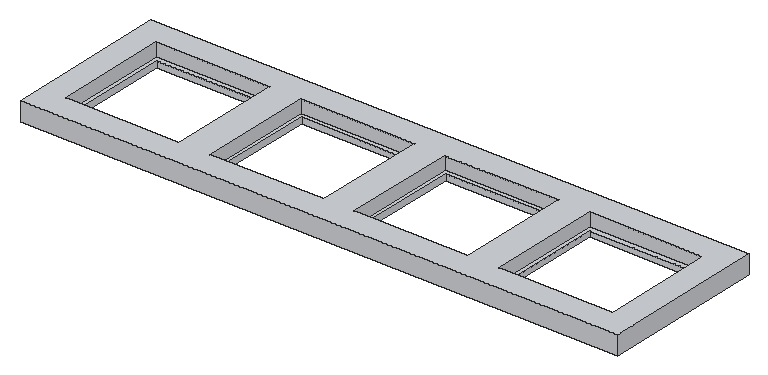
Revit family "Gira_021422", category Electrical Fixtures, host Face, Revit 2017
Family settings
  Host = Face
  Maintain Annotation Orientation = No
  Round Connector Dimension = Use Diameter
  Part Type = Normal
  Cut with Voids When Loaded = No
  Shared = No
  Room Calculation Point = No
Parameters (values of type "Cov.fr. 4-g Gira E2 p.white m")
  With mounting grid = "No"
  With hinged lid = "No"
  URL = "http://katalog.gira.de/en/datenblatt.html?artikelnr=021422"
  Type of fastening = "Clamp mounting"
  Transparent = "No"
  Surface protection = "Other"
  Surface finishing = "Matt"
  Suitable for wall duct = "No"
  Suitable for flush-mounted installation = "Yes"
  Suitable for floor box = "No"
  Suitable for built-in installation = "No"
  RAL-number (akin) = "9010"
  Number of units vertical = "4"
  Number of units horizontal = "4"
  Number of units = "4"
  Name = "Cov.fr. 4-g Gira E2 p.white m"
  Mounting direction = "Horizontal and vertical"
  Material quality = "Thermoplastic"
  Material = "Plastic"
  Manufacturer URL = "https://www.gira.de/"
  Manufacturer = "Gira"
  Label space/information surface = "No"
  Keynote = ""
  HeinzeBIM = "https://bimportal.heinze.de/bim/cov-fr-4-g-gira-e2-p-white-m/d3c02d465e0359d6856dd3567de4a617a9e39395"
  Halogen free = "Yes"
  HAN = "021422"
  GTIN = "4010337214229"
  Description = "Cov.fr.4g E2 PWm,Gira E2 cover frame,pure white matt,4-gang,Features:,- Shatter-proof.,,Notes :,- Also suitable for duct installation.,- In connection with the seal kit, frame (1-gang to 5-gang) is also suitable for installation as water-protected flush-mounted IP44."
  Degree of protection (IP) = "IP20"
  Default Elevation = 1219.2 mm
  Data sheet (1) = "https://katalog.gira.de/en/download.html?artikelnr=021422"
  Colour = "White"
  Category = "Cover frame for domestic switching devices"
  BIM (1) = "https://media.stage.bim.site/public/gira/36a6b08/E2_Rahmen_4fach.rfa"
  Available = "No"
Reference planes
  plane 1 "Center (Front/Back)": y = 0
  plane 2: z = 0
  plane 3 "Center (Left/Right)": x = 0
Forms (mm)
  Extrusion 1, solid, detail levels fine
    sketch origin (0, 0, 0) x (1, 0, 0) y (0, 1, 0)
      loop
        line (147.35, 40.4) -> (-147.35, 40.4) -> (-147.35, -40.4) -> (147.35, -40.4) -> (147.35, 40.4)
      loop
        line (78.898, 28.052) -> (78.898, -28.052) -> (135.002, -28.052) -> (135.002, 28.052) -> (78.898, 28.052)
      loop
        line (7.598, 28.052) -> (7.598, -28.052) -> (63.702, -28.052) -> (63.702, 28.052) -> (7.598, 28.052)
      loop
        line (-63.702, 28.052) -> (-63.702, -28.052) -> (-7.598, -28.052) -> (-7.598, 28.052) -> (-63.702, 28.052)
      loop
        line (-135.002, 28.052) -> (-135.002, -28.052) -> (-78.898, -28.052) -> (-78.898, 28.052) -> (-135.002, 28.052)
    from 0 to 9.3
  Extrusion 2, solid, detail levels fine
    sketch origin (-106.85, 0, 0) x (1, 0, 0) y (0, 1, 0)
      loop
        line (-28.152, -28.152) -> (28.152, -28.152) -> (28.152, 28.152) -> (-28.152, 28.152) -> (-28.152, -28.152)
      loop
        line (25.9, -25.7) -> (25.9, 25.7) -> (-25.9, 25.7) -> (-25.9, -25.7) -> (25.9, -25.7)
    from 0 to 3
  Extrusion 3, solid, detail levels coarse+medium
    sketch origin (0, 0, 0) x (1, 0, 0) y (0, 1, 0)
      loop
        line (147.35, 40.4) -> (-147.35, 40.4) -> (-147.35, -40.4) -> (147.35, -40.4) -> (147.35, 40.4)
    from 0 to 9.3
  Extrusion 4, solid, detail levels fine
    sketch origin (-35.55, -0.047, 0) x (1, 0, 0) y (0, 1, 0)
      loop
        line (-28.152, -28.106) -> (28.152, -28.106) -> (28.152, 28.199) -> (-28.152, 28.199) -> (-28.152, -28.106)
      loop
        line (25.9, -25.653) -> (25.9, 25.747) -> (-25.9, 25.747) -> (-25.9, -25.653) -> (25.9, -25.653)
    from 0 to 3
  Extrusion 5, solid, detail levels fine
    sketch origin (106.85, -0.047, 0) x (1, 0, 0) y (0, 1, 0)
      loop
        line (-27.952, -28.006) -> (28.152, -28.006) -> (28.152, 28.099) -> (-27.952, 28.099) -> (-27.952, -28.006)
      loop
        line (26, -25.653) -> (26, 25.747) -> (-25.9, 25.747) -> (-25.9, -25.653) -> (26, -25.653)
    from 0 to 3
  Extrusion 6, solid, detail levels fine
    sketch origin (35.55, -0.047, 0) x (1, 0, 0) y (0, 1, 0)
      loop
        line (-27.952, -28.006) -> (28.152, -28.006) -> (28.152, 28.099) -> (-27.952, 28.099) -> (-27.952, -28.006)
      loop
        line (26, -25.653) -> (26, 25.747) -> (-25.9, 25.747) -> (-25.9, -25.653) -> (26, -25.653)
    from 0 to 3
Dimensions and locks
  aligned and locked: plane 2 to host face
  aligned and locked: level to host face
